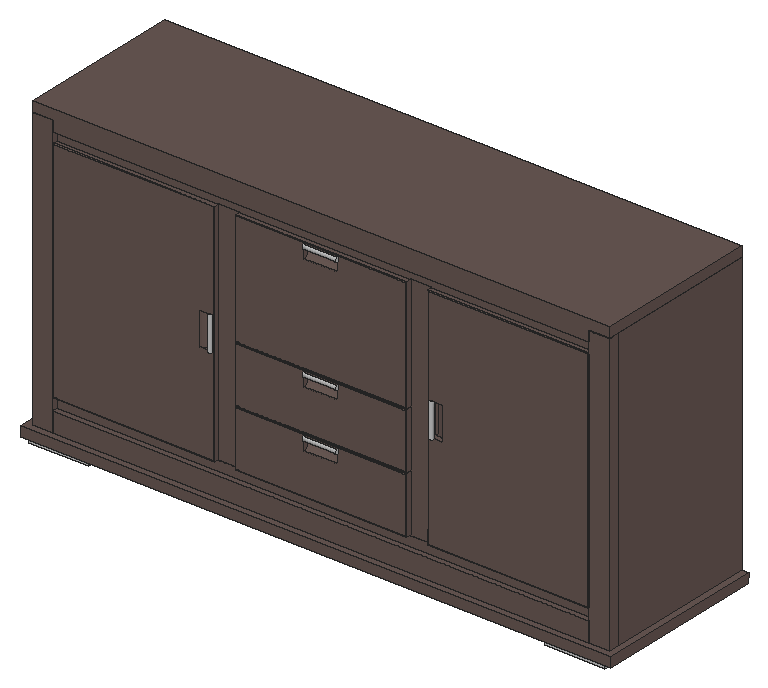
Revit family
Parameters (values of type "900mm x 1710mm x 490mm")
  Poignée = Métal - Alu brossé
  Pieds = Métal - Alu brossé
  Profondeur = 490 mm
  Largeur = 1710 mm
  Hauteur = 900 mm
  Finition = Bois - Exotique
  Description = ""
Reference planes
  plane 1 "Arrière": y = 726.112
  plane 2: z = 0
  plane 3 "Centre (gauche/droite)": x = -10
  plane 4 "Gauche": x = -865
  plane 5 "Droite": x = 845
  plane 6 "Avant": y = 236.112
  plane 7 "HAUT": z = 900
  plane 8: x = -295
  plane 9: x = 275
  plane 10: y = 266.112
  plane 11: y = 261.112
  plane 12: z = 810
  plane 13: z = 130
  plane 14: z = 300
  plane 15: z = 470
  plane 16: x = -265
  plane 17: x = 245
  plane 18: x = -325
  plane 19: x = 305
  plane 20: x = -805
  plane 21: x = 785
Forms (mm)
  Extrusion 1, solid, material "Bois - Exotique" <- "Finition"
    sketch origin (1074.775, -1524, 130) x (0, -1, 0) y (-1, 0, 0)
      loop
        line (-1790.112, 1399.775) -> (-1790.112, 1339.775) -> (-1775.112, 1339.775) -> (-1775.112, 1399.775) -> (-1790.112, 1399.775)
      loop
        line (-1790.112, 829.775) -> (-1790.112, 769.775) -> (-1775.112, 769.775) -> (-1775.112, 829.775) -> (-1790.112, 829.775)
    from 0 to -680
Dimensions and locks
  equal spacing: plane 4 "Gauche", plane 3 "Centre (gauche/droite)", plane 5 "Droite"
  "Largeur": plane 4 "Gauche" to plane 5 "Droite"
  "Hauteur": plane 7 "HAUT" to level
  "Profondeur": plane 6 "Avant" to plane 1 "Arrière"
  equal spacing: plane 4 "Gauche", plane 8, plane 9, plane 5 "Droite"
  locked: plane 6 "Avant" to plane 11 at 25
  locked: plane 6 "Avant" to plane 10 at 30
  locked: plane 7 "HAUT" to plane 12 at 90
  locked: plane 13 to level at 130
  locked: Extrusion 1 sketch curve to plane 10 at 15
  equal spacing: Extrusion 1 sketch curve, plane 8, Extrusion 1 sketch curve
  equal spacing: Extrusion 1 sketch curve, plane 9, Extrusion 1 sketch curve
  locked: Extrusion 1 sketch curve to plane 8 at 30
  locked: Extrusion 1 sketch curve to plane 9 at 30
  equal spacing: plane 12, plane 15, plane 13
  equal spacing: plane 15, plane 14, plane 13
  locked: plane 16 to plane 8 at 30
  locked: plane 19 to plane 9 at 30
  locked: plane 8 to plane 18 at 30
  locked: plane 9 to plane 17 at 30
  locked: plane 4 "Gauche" to plane 20 at 60
  locked: plane 21 to plane 5 "Droite" at 60
  aligned and locked: plane 1 "Arrière" to nested 1
  aligned and locked: plane 6 "Avant" to nested 1
  aligned and locked: plane 4 "Gauche" to nested 1
  aligned and locked: plane 5 "Droite" to nested 1
  aligned and locked: plane 7 "HAUT" to nested 1
  aligned and locked: plane 10 to Extrusion 1 sketch curve  (x2)
  aligned and locked: Extrusion 1 sketch curve to Extrusion 1 sketch curve
  aligned and locked: Extrusion 1 to plane 12
  aligned and locked: plane 11 to nested 4
  aligned and locked: plane 11 to nested 3
  aligned and locked: plane 11 to nested 2
  aligned and locked: plane 14 to nested 2
  aligned and locked: plane 13 to nested 2
  aligned and locked: plane 14 to nested 3
  aligned and locked: plane 15 to nested 3
  aligned and locked: plane 12 to nested 4
  aligned and locked: plane 15 to nested 4
  aligned and locked: plane 16 to nested 2
  aligned and locked: plane 16 to nested 3
  aligned and locked: plane 16 to nested 4
  aligned and locked: plane 17 to nested 2
  aligned and locked: plane 17 to nested 3
  aligned and locked: plane 17 to nested 4
  aligned and locked: plane 11 to nested 5
  aligned and locked: plane 19 to nested 5
  aligned and locked: plane 21 to nested 5
  aligned and locked: plane 12 to nested 5
  aligned and locked: plane 13 to nested 5
  aligned and locked: nested 6 to plane 11
  aligned and locked: plane 18 to nested 6
  aligned and locked: plane 20 to nested 6
  aligned and locked: nested 6 to plane 12
  aligned and locked: nested 6 to plane 13
Nested families
  nested 1: "#Base" at (0, 726.112, 0), type "#Base"
    with Profondeur 490 mm, Largeur 1710 mm, Hauteur 900 mm
  nested 2: "#PanneauHor" at (-60, -997.281, -671.5), type "#PanneauHor"
    with L 510 mm, H 171.5 mm
  nested 3: "#PanneauHor" at (-60, -997.281, -500), type "#PanneauHor"
    with L 510 mm, H 170 mm
  nested 4: "#PanneauHor" at (-60, -997.281, -330), type "#PanneauHor"
    with L 510 mm, H 340 mm
  nested 5: "#PanneauVer" at (495, -997.281, -670), type "#PanneauVer"
    with L 480 mm, H 680 mm
  nested 6: "#PanneauVer" at (-515, -997.281, -670) x (-1, 0, 0) z (0, 0, 1), type "#PanneauVer"
    with L 480 mm, H 680 mm
Definition of nested family "#Base"
  Parameters (values of type "#Base")
    Pieds = Métal - Alu brossé
    Profondeur [instance] = 400 mm
    Largeur [instance] = 640 mm
    Hauteur [instance] = 1810 mm
    Finition = Bois - Exotique
    Assembly Code = ""
  Reference planes
    plane 1 "Arrière": y = 0
    plane 2: z = 0
    plane 3 "Centre (gauche/droite)": x = -10
    plane 4: x = -330
    plane 5: x = 310
    plane 6 "Avant": y = -400
    plane 7: z = 10
    plane 8: z = 40
    plane 9: z = 1810
    plane 10: z = 1750
    plane 11: z = 1780
    plane 12: z = 100
  Forms (mm)
    Extrusion 1, solid, material "Bois - Exotique" <- "Finition"
      sketch origin (1257.924, -1524, 10) x (0, -1, 0) y (-1, 0, 0)
        loop
          line (-1524, 1607.924) -> (-1524, 927.924) -> (-1104, 927.924) -> (-1104, 1607.924) -> (-1524, 1607.924)
      from 0 to -30
    Extrusion 2, solid, material "Métal - Alu brossé" <- "Pieds"
      sketch origin (0, 0, 0) x (1, 0, 0) y (0, 1, 0)
        loop
          line (-330, -415) -> (-150, -415) -> (-150, -350) -> (-330, -350) -> (-330, -415)
        loop
          line (-330, -65) -> (-150, -65) -> (-150, 0) -> (-330, 0) -> (-330, -65)
        loop
          line (130, -65) -> (310, -65) -> (310, 0) -> (130, 0) -> (130, -65)
        loop
          line (130, -415) -> (310, -415) -> (310, -350) -> (130, -350) -> (130, -415)
      from 0 to 10
    Extrusion 3, solid, material "Bois - Exotique" <- "Finition"
      sketch origin (1257.924, -1524, 40) x (0, -1, 0) y (-1, 0, 0)
        loop
          line (-1124, 1587.924) -> (-1154, 1587.924) -> (-1154, 1527.924) -> (-1124, 1527.924) -> (-1124, 1587.924)
        loop
          line (-1124, 1007.924) -> (-1154, 1007.924) -> (-1154, 947.924) -> (-1124, 947.924) -> (-1124, 1007.924)
      from 0 to -1740
    Extrusion 4, solid, material "Bois - Exotique" <- "Finition"
      sketch origin (0, 0, 0) x (1, 0, 0) y (0, 0, 1)
        loop
          line (-330, 1810) -> (-330, 1750) -> (310, 1750) -> (310, 1810) -> (-330, 1810)
      from 0 to 400
    Extrusion 5, solid, material "Bois - Exotique" <- "Finition"
      sketch origin (1257.924, -1524, 40) x (0, -1, 0) y (-1, 0, 0)
        loop
          line (-1154, 1587.924) -> (-1524, 1587.924) -> (-1524, 947.924) -> (-1154, 947.924) -> (-1154, 962.924) -> (-1509, 962.924) -> (-1509, 1572.924) -> (-1154, 1572.924) -> (-1154, 1587.924)
      from 0 to -1740
    Extrusion 6, solid, material "Bois - Exotique" <- "Finition"
      sketch origin (1257.924, -1524, 40) x (0, -1, 0) y (-1, 0, 0)
        loop
          line (-1124, 1527.924) -> (-1139, 1527.924) -> (-1139, 1007.924) -> (-1124, 1007.924) -> (-1124, 1527.924)
      from 0 to -60
    Sweep 7, void
      path in 3D
        loop
          line (-270, -400, 40) -> (-270, -400, 100)
      profile "PCR : 1.5mm x 1.5mm" origin (-270, -400, 70) x (0, 1, 0) y (-1, 0, 0)
        loop
          line (0, 0) -> (0, -1.5) -> (1.5, -1.5) -> (1.5, 0) -> (0, 0)
    Sweep 8, void
      path in 3D
        loop
          line (250, -400, 40) -> (250, -400, 100)
      profile "PCR : 1.5mm x 1.5mm" origin (250, -400, 70) x (0, -1, 0) y (1, 0, 0)
        loop
          line (0, 0) -> (-1.5, 0) -> (-1.5, -1.5) -> (0, -1.5) -> (0, 0)
    Extrusion 9, solid, material "Bois - Exotique" <- "Finition"
      sketch origin (1257.924, -1524, 1750) x (0, -1, 0) y (-1, 0, 0)
        loop
          line (-1139, 1527.924) -> (-1154, 1527.924) -> (-1154, 1007.924) -> (-1139, 1007.924) -> (-1139, 1527.924)
      from 0 to 30
    Extrusion 10, solid, material "Bois - Exotique" <- "Finition"
      sketch origin (1257.924, -1524, 40) x (0, -1, 0) y (-1, 0, 0)
        loop
          line (-1154, 1527.924) -> (-1154, 1007.924) -> (-1139, 1007.924) -> (-1139, 1527.924) -> (-1154, 1527.924)
      from 0 to -90
    Extrusion 11, void
      sketch origin (1257.924, -1524, 1750) x (-1, 0, 0) y (0, -1, 0)
        loop
          line (1587.924, -1124) -> (1526.424, -1124) -> (1526.424, -1154) -> (1587.924, -1154) -> (1587.924, -1124)
        loop
          line (1009.424, -1124) -> (947.924, -1124) -> (947.924, -1154) -> (1009.424, -1154) -> (1009.424, -1124)
      from 0 to 31.5
    Sweep 12, void
      path in 3D
        loop
          line (-330, -400, 1810) -> (-330, 0, 1810)
      profile "PCR : 1.5mm x 1.5mm" origin (-330, -200, 1810) x (-1, 0, 0) y (0, 0, 1)
        loop
          line (0, -28.5) -> (-1.5, -28.5) -> (-1.5, -30) -> (0, -30) -> (0, -28.5)
    Sweep 13, void
      path in 3D
        loop
          line (310, -400, 1810) -> (310, 0, 1810)
      profile "PCR : 1.5mm x 1.5mm" origin (310, -200, 1810) x (-1, 0, 0) y (0, 0, 1)
        loop
          line (0, -28.5) -> (0, -30) -> (1.5, -30) -> (1.5, -28.5) -> (0, -28.5)
  Cuts and joins
    Sweep 7, Sweep 8, Sweep 13 cuts Extrusion 3
    Extrusion 11, Sweep 12, Sweep 13 cuts Extrusion 4
    Extrusion 11, Sweep 12, Sweep 13 cuts Extrusion 5
    Extrusion 11, Sweep 12, Sweep 13 cuts Extrusion 9
    joined: Extrusion 4, Extrusion 5, Extrusion 9
    Sweep 7, Sweep 8 cuts Extrusion 1
    Sweep 7, Sweep 8 cuts Extrusion 6
  Lines and regions (mm)
    sketch lines
      curve 1: line (-270, -400, 40) -> (-270, -400, 100)
      curve 2: line (250, -400, 40) -> (250, -400, 100)
      curve 3: line (-330, -400, 1810) -> (-330, 0, 1810)
      curve 4: line (310, -400, 1810) -> (310, 0, 1810)
    symbolic lines
      curve 5: line (-330, -400, 1750) -> (-330, 0, 1750)
      curve 6: line (310, -400, 1750) -> (-330, -400, 1750)
      curve 7: line (310, 0, 1750) -> (310, -400, 1750)
  Dimensions and locks
    locked: plane 7 to plane 2 at 10
    locked: plane 8 to plane 2 at 40
    Extrusion 1 sketch curve to plane 4 = 20 mm
    plane 5 to Extrusion 1 sketch curve = 20 mm
    locked: Extrusion 1 sketch curve to plane 6 "Avant" at 20
    locked: plane 4 to Extrusion 2 sketch curve at 180
    locked: Extrusion 2 sketch curve to plane 5 at 180
    locked: Extrusion 2 sketch curve to plane 1 "Arrière" at 65
    locked: plane 6 "Avant" to Extrusion 2 sketch curve at 50
    "Hauteur": plane 9 to plane 2
    locked: plane 9 to plane 10 at 60
    locked: plane 9 to plane 11 at 30
    locked: Extrusion 3 sketch curve to Extrusion 3 sketch curve at 60  (x2)
    locked: Extrusion 3 sketch curve to Extrusion 3 sketch curve at 30
    locked: plane 6 "Avant" to Extrusion 5 sketch curve at 30
    locked: plane 4 to Extrusion 5 sketch curve at 15
    locked: Extrusion 5 sketch curve to plane 5 at 15
    locked: Extrusion 5 sketch curve to plane 1 "Arrière" at 15
    locked: Extrusion 2 sketch curve to plane 6 "Avant" at 15
    locked: plane 6 "Avant" to Extrusion 6 sketch curve at 15
    locked: plane 4 to Extrusion 6 sketch curve at 60
    locked: Extrusion 6 sketch curve to plane 5 at 60
    locked: plane 12 to plane 8 at 60
    equal spacing: plane 4, plane 3 "Centre (gauche/droite)", plane 5
    "Largeur": plane 4 to plane 5
    "Profondeur": plane 6 "Avant" to plane 1 "Arrière"
    locked: plane 6 "Avant" to Extrusion 9 sketch curve at 15
    locked: plane 6 "Avant" to Extrusion 9 sketch curve at 30
    locked: plane 4 to Extrusion 9 sketch curve at 60
    locked: Extrusion 9 sketch curve to plane 5 at 60
    locked: plane 6 "Avant" to Extrusion 10 sketch curve at 15
    locked: plane 6 "Avant" to Extrusion 10 sketch curve at 30
    locked: plane 4 to Extrusion 10 sketch curve at 60
    locked: Extrusion 10 sketch curve to plane 5 at 60
    locked: plane 6 "Avant" to Extrusion 11 sketch curve at 30
    locked: plane 4 to Extrusion 11 sketch curve at 61.5
    locked: Extrusion 11 sketch curve to plane 5 at 61.5
    aligned and locked: plane 1 "Arrière" to Extrusion 1 sketch curve
    aligned and locked: Extrusion 1 to plane 8
    aligned and locked: Extrusion 2 sketch curve to Extrusion 2 sketch curve  (x8)
    aligned and locked: Extrusion 2 sketch curve to plane 1 "Arrière"
    aligned and locked: Extrusion 2 sketch curve to plane 4
    aligned and locked: plane 5 to Extrusion 2 sketch curve
    aligned and locked: Extrusion 2 to plane 7
    aligned and locked: Extrusion 3 sketch curve to Extrusion 3 sketch curve  (x2)
    aligned and locked: Extrusion 3 sketch curve to plane 4
    aligned and locked: plane 6 "Avant" to Extrusion 3 sketch curve
    aligned and locked: plane 5 to Extrusion 3 sketch curve
    aligned and locked: Extrusion 3 to plane 11
    aligned and locked: Extrusion 4 sketch curve to plane 4
    aligned and locked: plane 5 to Extrusion 4 sketch curve
    aligned and locked: Extrusion 4 sketch curve to plane 9
    aligned and locked: plane 10 to Extrusion 4 sketch curve
    aligned and locked: Extrusion 5 sketch curve to Extrusion 5 sketch curve
    aligned and locked: plane 4 to Extrusion 5 sketch curve
    aligned and locked: Extrusion 5 sketch curve to plane 5
    aligned and locked: Extrusion 5 to plane 11
    aligned and locked: Extrusion 5 sketch curve to plane 1 "Arrière"
    aligned and locked: plane 6 "Avant" to Extrusion 6 sketch curve
    aligned and locked: cut or joined group of Extrusion 6, Sweep 7, Sweep 8 to plane 12
    aligned and locked: plane 6 "Avant" to cut or joined group of Extrusion 4, Extrusion 5, Extrusion 9, Extrusion 11, Sweep 12, Sweep 13
    aligned and locked: plane 6 "Avant" to Extrusion 11 sketch curve  (x2)
    aligned and locked: Extrusion 11 sketch curve to plane 4
    aligned and locked: plane 5 to Extrusion 11 sketch curve
    aligned and locked: Extrusion 11 sketch curve to Extrusion 11 sketch curve
    aligned and locked: curve 5 to cut or joined group of Extrusion 4, Extrusion 5, Extrusion 9, Extrusion 11, Sweep 12, Sweep 13
    aligned and locked: curve 6 to cut or joined group of Extrusion 4, Extrusion 5, Extrusion 9, Extrusion 11, Sweep 12, Sweep 13
    aligned and locked: curve 7 to cut or joined group of Extrusion 4, Extrusion 5, Extrusion 9, Extrusion 11, Sweep 12, Sweep 13
  Automatic sketch dimensions
    curve 5 to plane 1 "Arrière" = 0 mm
    curve 6 to plane 5 = 0 mm
    curve 6 to plane 6 "Avant" = 0 mm
    curve 5 to plane 4 = 0 mm
    curve 7 to plane 1 "Arrière" = 0 mm
Definition of nested family "#PanneauHor"
  Parameters (values of type "#PanneauHor")
    Poignée = Métal - Alu brossé
    L [instance] = 800 mm
    H [instance] = 300 mm
    Finition = Bois - Exotique
    Assembly Code = ""
  Reference planes
    plane 1 "Arrière": y = 1258.392
    plane 2: z = 0
    plane 3 "Centre (gauche/droite)": x = 50
    plane 4: x = -350
    plane 5: x = 450
    plane 6: z = 800
    plane 7 "H": z = 1100
    plane 8: x = 0
    plane 9: x = 100
  Forms (mm)
    Extrusion 1, solid, material "Bois - Exotique" <- "Finition"
      sketch origin (0, 1258.392, 0) x (1, 0, 0) y (0, 0, 1)
        loop
          line (-348.5, 801.5) -> (448.5, 801.5) -> (448.5, 1098.5) -> (-348.5, 1098.5) -> (-348.5, 801.5)
      from 0 to 25
    Sweep 2, void
      path origin (0, 0, 1100) x (0, -1, 0) y (1, 0, 0)
        loop
          line (-1233.392, 100) -> (-1233.392, 0)
      profile "PC-PT : #01" origin (50, 1233.392, 1100) x (0, -1, 0) y (0, 0, 1)
        loop
          line (0, -13) -> (-5, -13) -> (-5, -6) -> (-20, -6) -> (-20, -16)
          arc (-20, -16) -> (-14.652, -33.708) -> (0, -45) r 30.277
          line (0, -45) -> (0, -13)
    Sweep 3, solid, material "Métal - Alu brossé" <- "Poignée"
      path in 3D
        loop
          line (0, 1233.392, 1087) -> (100, 1233.392, 1087)
      profile "PP : Rayon de 6 mm" origin (50, 1233.392, 1087) x (0, -1, 0) y (0, 0, -1)
        loop
          arc (0, -6.004) -> (2.836, 5.292) -> (-5, -3.325) r 6.004
          line (-5, -3.325) -> (-5, 0) -> (0, 0) -> (0, -6.004)
    Sweep 4, void
      path in 3D
        loop
          line (-348.5, 1233.392, 801.5) -> (448.5, 1233.392, 801.5) -> (448.5, 1233.392, 1098.5) -> (-348.5, 1233.392, 1098.5) -> (-348.5, 1233.392, 801.5)
      profile "PCA : 2mm x 2mm" origin (-348.5, 1233.392, 950) x (0, -1, 0) y (-1, 0, 0)
        loop
          line (-2, 0) -> (0, -2) -> (0, 0) -> (-2, 0)
  Cuts and joins
    Sweep 2, Sweep 4 cuts Extrusion 1
  Lines and regions (mm)
    sketch lines
      curve 1: line (0, 1233.392, 1087) -> (100, 1233.392, 1087)
      curve 2: line (-348.5, 1233.392, 1098.5) -> (-348.5, 1233.392, 801.5)
      curve 3: line (448.5, 1233.392, 1098.5) -> (-348.5, 1233.392, 1098.5)
      curve 4: line (448.5, 1233.392, 801.5) -> (448.5, 1233.392, 1098.5)
      curve 5: line (-348.5, 1233.392, 801.5) -> (448.5, 1233.392, 801.5)
  Dimensions and locks
    equal spacing: plane 4, plane 3 "Centre (gauche/droite)", plane 5
    "L": plane 4 to plane 5
    "H": plane 7 "H" to plane 6
    locked: plane 7 "H" to Extrusion 1 sketch curve at 1.5
    locked: Extrusion 1 sketch curve to plane 6 at 1.5
    locked: Extrusion 1 sketch curve to plane 4 at 1.5
    locked: plane 5 to Extrusion 1 sketch curve at 1.5
    locked: plane 8 to plane 3 "Centre (gauche/droite)" at 50
    locked: plane 3 "Centre (gauche/droite)" to plane 9 at 50
    locked: Sweep 2 sketch curve to plane 1 "Arrière" at 25
    aligned and locked: plane 8 to Sweep 2 sketch curve
    aligned and locked: plane 9 to Sweep 2 sketch curve
Definition of nested family "#PanneauVer"
  Parameters (values of type "#PanneauVer")
    Poignée = Métal - Alu brossé
    L [instance] = 800 mm
    H [instance] = 300 mm
    Finition = Bois - Exotique
    Assembly Code = ""
  Reference planes
    plane 1 "Arrière": y = 1258.392
    plane 2: z = 0
    plane 3 "Centre (gauche/droite)": x = 50
    plane 4: x = -350
    plane 5: x = 450
    plane 6: z = 800
    plane 7 "H": z = 1100
    plane 8: z = 950
    plane 9: z = 1000
    plane 10: z = 900
  Forms (mm)
    Extrusion 1, solid, material "Bois - Exotique" <- "Finition"
      sketch origin (0, 1258.392, 0) x (1, 0, 0) y (0, 0, 1)
        loop
          line (-348.5, 801.5) -> (448.5, 801.5) -> (448.5, 1098.5) -> (-348.5, 1098.5) -> (-348.5, 801.5)
      from 0 to 25
    Sweep 2, void
      path in 3D
        loop
          line (-348.5, 1233.392, 801.5) -> (448.5, 1233.392, 801.5) -> (448.5, 1233.392, 1098.5) -> (-348.5, 1233.392, 1098.5) -> (-348.5, 1233.392, 801.5)
      profile "PCA : 2mm x 2mm" origin (-348.5, 1233.392, 950) x (0, -1, 0) y (-1, 0, 0)
        loop
          line (-2, 0) -> (0, -2) -> (0, 0) -> (-2, 0)
    Sweep 3, void
      path origin (-350, 1482.579, 1200) x (0, 1, 0) y (0, 0, 1)
        loop
          line (-249.187, -300) -> (-249.187, -200)
      profile "PC-PT : #01" origin (-350, 1233.392, 950) x (0, -1, 0) y (1, 0, 0)
        loop
          line (0, 13) -> (0, 45)
          arc (0, 45) -> (-14.652, 33.708) -> (-20, 16) r 30.277
          line (-20, 16) -> (-20, 6) -> (-5, 6) -> (-5, 13) -> (0, 13)
    Sweep 4, solid, material "Métal - Alu brossé" <- "Poignée"
      path in 3D
        loop
          line (-337, 1233.392, 900) -> (-337, 1233.392, 1000)
      profile "PP : Rayon de 6 mm" origin (-337, 1233.392, 950) x (0, -1, 0) y (1, 0, 0)
        loop
          arc (0, -6.004) -> (2.836, 5.292) -> (-5, -3.325) r 6.004
          line (-5, -3.325) -> (-5, 0) -> (0, 0) -> (0, -6.004)
  Cuts and joins
    Sweep 2, Sweep 3 cuts Extrusion 1
  Lines and regions (mm)
    sketch lines
      curve 1: line (-348.5, 1233.392, 1098.5) -> (-348.5, 1233.392, 801.5)
      curve 2: line (448.5, 1233.392, 1098.5) -> (-348.5, 1233.392, 1098.5)
      curve 3: line (448.5, 1233.392, 801.5) -> (448.5, 1233.392, 1098.5)
      curve 4: line (-348.5, 1233.392, 801.5) -> (448.5, 1233.392, 801.5)
      curve 5: line (-337, 1233.392, 900) -> (-337, 1233.392, 1000)
  Dimensions and locks
    equal spacing: plane 4, plane 3 "Centre (gauche/droite)", plane 5
    "L": plane 4 to plane 5
    "H": plane 7 "H" to plane 6
    locked: plane 7 "H" to Extrusion 1 sketch curve at 1.5
    locked: Extrusion 1 sketch curve to plane 6 at 1.5
    locked: Extrusion 1 sketch curve to plane 4 at 1.5
    locked: plane 5 to Extrusion 1 sketch curve at 1.5
    equal spacing: plane 7 "H", plane 8, plane 6
    locked: plane 9 to plane 8 at 50
    locked: plane 8 to plane 10 at 50
    locked: plane 1 "Arrière" to Sweep 3 sketch curve at 25
    aligned and locked: plane 10 to Sweep 3 sketch curve
    aligned and locked: plane 9 to Sweep 3 sketch curve
